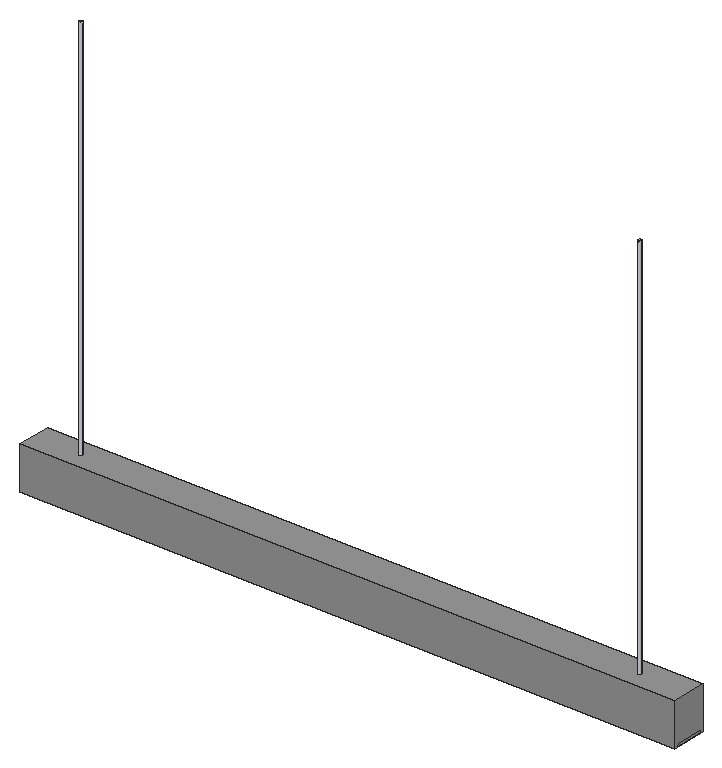
Revit family "HALIMALED_31_1200MM_4000k", category Lighting Fixtures, host Ceiling, Revit 2021
Family settings
  Host = Ceiling
  Round Connector Dimension = Use Diameter
  Part Type = Normal
  OmniClass Number = 23.80.70.11
  OmniClass Title = Luminaries for Internal Lighting
  Always vertical = Yes
  Cut with Voids When Loaded = No
  Light Source = Yes
  Shared = No
  Room Calculation Point = No
Parameters (values of type "Type 1")
  Wattage = 28.0056 W
  built-in parameter 1150110 = 1 (stored number, unit not read)
  Type de lampe = "LED Sanan"
  Type = "Profilé en saillie/suspension"
  built-in parameter 1114217 = 1 (stored number, unit not read)
  Tilt Angle = 90.00°
  Tension = "AC 220-240V"
  built-in parameter 1150109 = 1 (stored number, unit not read)
  built-in parameter 1150134 = 12
  built-in parameter 1150113 = 1 (stored number, unit not read)
  SDCM = "<3"
  Puissance nominale = "40W"
  Photometric Web File = "google_eulumdat_converter (3).ies"
  Matériau = "Aluminium anodisé"
  Maintien du flux = "L80B10 (50 000 heures)"
  Lumens = 4160 lm
  built-in parameter 1150115 = 1 (stored number, unit not read)
  built-in parameter 1150105 = 331.04 (stored number, unit not read)
  built-in parameter 1150137 = (empty or 0)
  built-in parameter 1150139 = (empty or 0)
  built-in parameter 1150112 = 1 (stored number, unit not read)
  built-in parameter 1150114 = 1 (stored number, unit not read)
  built-in parameter 1150132 = 2
  built-in parameter 1150102 = (empty or 0)
  built-in parameter 1150138 = (empty or 0)
  built-in parameter 1150107 = 4000 (stored number, unit not read)
  built-in parameter 1150106 = 3.3104 (stored number, unit not read)
  IRC = ">80"
  Fintion = "Blanc"
  Emit from Line Length = 609.6 mm
  built-in parameter 1150104 = 13.8 (stored number, unit not read)
  Durée de vie = "50 000 heures"
  Driver = "Driver Tridonic en version 230V on/off et Boke en DALI"
  Dimming Lamp Color Temperature Shift = <None>
  Dimensions = "63x78 mm, L = 1200 mm"
  Diffuseur = "Capot diffusant microprismatique"
  Default Elevation = 0 mm
  Color Filter = 16777215
  built-in parameter 1114218 = 1 (stored number, unit not read)
  built-in parameter 1150133 = 10 (stored number, unit not read)
  Angle d'éclairage = "90°"
Reference planes
  plane 1 "Light Source Axis (F/B)": y = 0
  plane 2: z = 0
  plane 3 "Light Source Axis (L/R)": x = 0
  plane 4 "Ceiling": z = 4000
  plane 5 "Light Source Elevation": z = 3246.255
Forms (mm)
  Extrusion 1, solid, material "Aluminum, Anodized Blanc2"
    sketch origin (0, 0, 0) x (0, 1, 0) y (0, 0, 1)
      loop
        line (31.5, 3211) -> (31.5, 3289) -> (-31.5, 3289) -> (-31.5, 3211) -> (-26.5, 3211) -> (-26.5, 3286) -> (26.5, 3286) -> (26.5, 3211) -> (31.5, 3211)
    from -600 to 600
  Extrusion 2, solid, material "Aluminum, Anodized Blanc2"
    sketch origin (-895, 0, 0) x (1, 0, 0) y (0, 0, 1)
      loop
        line (1487.077, 3289) -> (1487.077, 3211) -> (1495, 3211) -> (1495, 3289) -> (1487.077, 3289)
      loop
        line (304.099, 3289) -> (295, 3289) -> (295, 3211) -> (304.099, 3211) -> (304.099, 3289)
    from -31.5 to 31.5
  Extrusion 3, solid, material "Glass, White, High Luminance"
    sketch origin (0, 0, 0) x (1, 0, 0) y (0, 0, 1)
      loop
        line (600, 3211) -> (600, 3214) -> (-600, 3214) -> (-600, 3211) -> (600, 3211)
    from -26.5 to 26.5
  Extrusion 4, solid
    sketch origin (-881.007, 0, 4000) x (0, -1, 0) y (1, 0, 0)
      loop
        circle (0, 1391.423) r 3
    from 0 to -711
  Extrusion 5, solid
    sketch origin (877.785, 0, 4000) x (0, 1, 0) y (-1, 0, 0)
      loop
        circle (0, 1391.423) r 3
    from 0 to -711
Cuts and joins
  joined: Extrusion 1, Extrusion 2
Lines and regions (mm)
  reference lines
    curve 1: line (0, 0, 3250) -> (0, 0, 3289)
    curve 2: line (-1500, 0, 3289) -> (-1500, 0, 3211)
    curve 3: line (0, 0, 3211) -> (0, -31.5, 3211)
    curve 4: line (0, -31.5, 3211) -> (0, -31.5, 3289)
    curve 5: line (0, -31.5, 3289) -> (0, 31.5, 3289)
    curve 6: line (0, 31.5, 3289) -> (0, 31.5, 3211)
    curve 7: line (0, 31.5, 3211) -> (0, 0, 3211)
    curve 8: line (0, 0, 3250) -> (-750, 0, 3250)
    curve 9: line (0, 0, 3250) -> (750, 0, 3250)
    curve 10: line (0, 0, 3246.255) -> (600, 0, 3246.255)
    curve 11: line (0, 0, 3246.255) -> (-600, 0, 3246.255)
Dimensions and locks
  equal spacing: host sketch curve, plane 3 "Light Source Axis (L/R)", host sketch curve
  equal spacing: host sketch curve, plane 1 "Light Source Axis (F/B)", host sketch curve
  host sketch curve to host sketch curve = 4000 mm  (x2)
  plane 4 "Ceiling" to host ceiling = 0 mm
  aligned and locked: plane 1 "Light Source Axis (F/B)" to imposter light
  aligned and locked: plane 5 "Light Source Elevation" to imposter light
